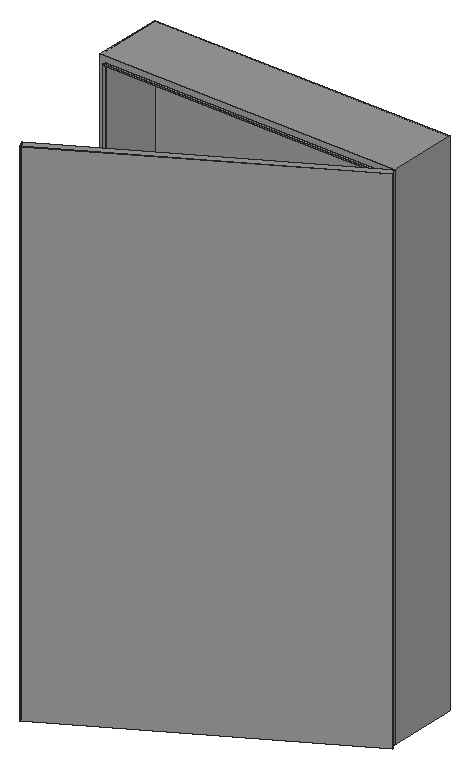
Revit family "Hager-Univers-IP44-D205-H1400-Cl.I-encl-NoHosted-NL-en", category Equipement électrique, Revit 2020
Family settings
  Configuration du panneau = Deux colonnes, circuits au sein
  Cote de connecteur circulaire = Utiliser le diamètre
  Type d'élément = Tableau de raccordement
  Basée sur le plan de construction = Oui
  Toujours verticalement = Oui
  Couper avec des vides une fois chargée = Non
  Partagée = Non
  Point de calcul de pièce = Non
Parameters (values of type "Surface mounted (plaster) IP44 W800 H1400 D205  - FP93QT")
  Width Control [instance] = if([EF000008 - Width] > Min Width, [EF000008 - Width], Min Width)  # 800 mm
  Commentaires du type = [HG000003 - Range]  # "Univers"
  Thickness Door [instance] = if([EF009171 - Material plate thickness door/cover] > 3 mm, 3 mm, [EF009171 - Material plate thickness door/cover])  # 1 mm
  Seal Frame Offset [instance] = 17 mm  # constant formula
  Plinth Visibility [instance] = [HG000027 - Plinth height] > 0 mm  # no
  Min Width [instance] = 100 mm  # constant formula
  Min Depth [instance] = (2 * [EF009170 - Material plate thickness cabinet]) + 1 mm  # 3 mm
  Min Height [instance] = 100 mm  # constant formula
  Internal Frame Depth [instance] = (Door System Depth * 0.5)  # 9 mm
  Panel Name [instance] = ""  # (empty or 0)
  Model = ""
  HG000027 - Plinth height = 0 mm
  HG000026 - Floor standing = no
  HG000024 - Bottom section height = 600 mm
  HG000023 - Double section enclosure = no
  HG000016 - Door 3d visibility [instance] = yes
  HG000015 - Clearance visibility [instance] = no
  HG000014 - Door on the right [instance] = yes
  HG000013 - Door on the left [instance] = not([HG000014 - Door on the right])  # no
  HG000012 - Door swing angle [instance] = 30.00°
  HG000010 - Asymmetric doors = no
  HG000009 - Double swing door = no
  HG000006 - Flush mounted = no
  HG000004 - Manufacturer reference = "FP93QT"
  HG000003 - Range = "Univers"
  HG000002 - With door or cover = yes
  Frame Offset Bottom [instance] = 10 mm  # constant formula
  Frame Offset [instance] = 15 mm  # constant formula
  EF015940 - Cover with overpressure release = no
  EF011959 - Degree of protection (NEMA) = ""
  EF009554 - Number of openings for flange plates = 6
  EF009212 - Cover model = "EV000116 - Closed"
  EF009171 - Material plate thickness door/cover = 1 mm
  EF009170 - Material plate thickness cabinet = 1 mm
  EF008873 - Nominal current (In) = 250 A
  EF007800 - Suitable for lightning protection = no
  EF006306 - With lock = no
  EF006244 - Transparent cover/door = no
  EF005474 - Degree of protection (IP) = "EV006418 - IP44"
  EF004464 - Type of door = "EV002646 - Single"
  EF004427 - Number of modules = 324
  EF004293 - Impact strength = "EV006815 - IK09"
  EF003532 - Suitable for outdoor use = no
  EF002950 - Width in number of modular spacings = 36
  EF001613 - Circuit integrity = "EV000494 - None"
  EF001596 - Material housing = "EV000179 - Steel"
  EF001131 - Internal depth = 130 mm
  EF001088 - Extension possible = yes
  EF000437 - Number of conduit inlets = 6
  EF000339 - Type of cover = "EV001012 - Cover"
  EF000266 - Number of rows = 9
  EF000218 - Built-in depth = 0 mm
  EF000118 - With mounting plate = no
  EF000116 - RAL-number = "9010"
  EF000049 - Depth = 205 mm
  EF000040 - Height = 1400 mm
  EF000008 - Width = 800 mm
  EF000007 - Colour = "EV000202 - White"
  EF000003 - Mounting method = "EV000384 - Surface mounted (plaster)"
  Door System Leaf Tolerance [instance] = 1.5 mm  # constant formula
  Door System Depth [instance] = 18 mm  # constant formula
  Door Height [instance] = Height Control - [HG000027 - Plinth height]  # 1400 mm
  Description = ""
  Default Elevation = 1219.2 mm
  Connector Offset [instance] = Height Control / 2  # 700 mm
  Fabricant = "Hager"  # constant formula
  Height Control [instance] = if([EF000040 - Height] > Min Height, [EF000040 - Height], Min Height)  # 1400 mm
  Depth Control [instance] = if([EF000049 - Depth] > Min Depth, [EF000049 - Depth], Min Depth)  # 205 mm
  Bottom Top Plate Trim [instance] = 1.5 mm  # constant formula
  Plinth height Ctrl [instance] = if([HG000027 - Plinth height] > 0 mm, [HG000027 - Plinth height], 12 mm)  # 12 mm
Types (4, lengths in mm): name | Width Control | HG000004 - Manufacturer reference | EF009554 - Number of openings for flange plates | EF004464 - Type of door | EF004427 - Number of modules | EF002950 - Width in number of modular spacings | EF000437 - Number of conduit inlets | EF000008 - Width
  Surface mounted (plaster) IP44 W1300 H1400 D205  - FP95QT | 1300 | "FP95QT" | 10 | "EV003602 - Double" | 540 | 60 | 10 | 1300
  Surface mounted (plaster) IP44 W300 H1400 D205  - FP91QT | 300 | "FP91QT" | 2 | "EV002646 - Single" | 108 | 12 | 2 | 300
  Surface mounted (plaster) IP44 W550 H1400 D205  - FP92QT | 550 | "FP92QT" | 4 | "EV002646 - Single" | 216 | 24 | 4 | 550
  Surface mounted (plaster) IP44 W800 H1400 D205  - FP93QT | 800 | "FP93QT" | 6 | "EV002646 - Single" | 324 | 36 | 6 | 800
Reference planes
  plane 1 "Center (Front/Back)": y = 0
  plane 2: z = 0
  plane 3 "Center (Left/Right)": x = 0
  plane 4: y = 0
  plane 5: y = 0
  plane 6: z = 0
  plane 7: x = -400
  plane 8: x = 400
  plane 9: x = 399
  plane 10: x = -399
  plane 11: z = 0
  plane 12: z = 1
  plane 13: y = -205
  plane 14: y = -1
  plane 15: x = 0
  plane 16: y = -187
  plane 17: y = -204
  plane 18: y = -186
  plane 19: x = -384
  plane 20: x = 384
  plane 21: z = 11
  plane 22: x = -383
  plane 23: x = 383
  plane 24: z = 0
  plane 25: z = 1400
  plane 26: z = 1400
  plane 27: z = 1384
  plane 28: z = 1399
Forms (mm)
  Extrusion 1, solid, material "Hager_Steel_RAL7035_Light_Grey", detail levels medium+fine
    sketch origin (-208.679, -4572, 0) x (-1, 0, 0) y (0, -1, 0)
      loop
        line (191.321, -4385) -> (-608.679, -4385) -> (-608.679, -4572) -> (191.321, -4572) -> (191.321, -4385)
    from 0 to 1400
  Extrusion 2, void
    sketch origin (-350.771, -205, 1219.2) x (1, 0, 0) y (0, 0, 1)
      loop
        line (-48.229, 179.8) -> (-48.229, -1218.2) -> (749.771, -1218.2) -> (749.771, 179.8) -> (-48.229, 179.8)
    from -19 to -204
  Extrusion 3, void
    sketch origin (-290.084, -187, 1219.2) x (1, 0, 0) y (0, 0, 1)
      loop
        line (-93.916, -1208.2) -> (674.084, -1208.2) -> (674.084, 164.8) -> (-93.916, 164.8) -> (-93.916, -1208.2)
    from 0 to -1
  Extrusion 4, solid, material "Hager_Steel_RAL7035_Light_Grey", visible <- "Plinth Visibility", detail levels medium+fine
    sketch origin (0, 0, 0) x (1, 0, 0) y (0, 1, 0)
      loop
        line (-400, 0) -> (-400, -187) -> (400, -187) -> (400, 0) -> (-400, 0)
    from 0 to 12 <- "Plinth height Ctrl"
  Extrusion 5, solid, material "Hager_Steel_RAL7035_Light_Grey", detail levels coarse
    sketch origin (0, 0, 0) x (1, 0, 0) y (0, 1, 0)
      loop
        line (-400, 0) -> (-400, -205) -> (400, -205) -> (400, 0) -> (-400, 0)
    from 0 to 1400 <- "Height Control"
  Sweep 6, void
    path in 3D
      loop
        line (-400, -187, 12) -> (400, -187, 12) -> (400, 0, 12) -> (-400, 0, 12) -> (-400, -187, 12)
    profile origin (-400, -93.5, 12) x (1, 0, 0) y (0, 0, 1)
      loop
        line (0, 0) -> (0, -1.5) -> (1.5, -1.5)
        arc (1.5, -1.5) -> (1.061, -0.439) -> (0, 0) r 1.5
  Extrusion 7, solid, material "Hager_Steel_RAL7035_Light_Grey", detail levels fine
    sketch origin (-400, -187, 0) x (1, 0, 0) y (0, 0, 1)
      loop
        line (16, 11) -> (784, 11) -> (784, 1384) -> (16, 1384) -> (16, 11)
      loop
        line (15, 10) -> (785, 10) -> (785, 1385) -> (15, 1385) -> (15, 10)
    from 0 to 9 <- "Internal Frame Depth"
Cuts and joins
  Extrusion 2, Extrusion 3 cuts Extrusion 1
  Sweep 6 cuts Extrusion 4
Lines and regions (mm)
  Masking region 1
    outline origin (0, 0, 0) x (1, 0, 0) y (0, 1, 0)
      loop
        line (-400, 0) -> (-400, -205) -> (400, -205) -> (400, 0) -> (-400, 0)
  Masking region 2, detail levels coarse
    outline origin (-290.084, -187, 1219.2) x (-1, 0, 0) y (0, 0, 1)
      loop
        line (-690.084, -1219.2) -> (109.916, -1219.2) -> (109.916, 180.8) -> (-690.084, 180.8) -> (-690.084, -1219.2)
  Masking region 3, detail levels coarse
    outline origin (0, 0, 0) x (0, 1, 0) y (0, 0, 1)
      loop
        line (0, 0) -> (0, 1400) -> (-205, 1400) -> (-205, 0) -> (0, 0)
  Masking region 4, visible <- "Plinth Visibility", detail levels medium+fine
    outline origin (0, 0, 0) x (0, 1, 0) y (0, 0, 1)
      loop
        line (-1.5, 12) -> (-185.5, 12)
        arc (-185.5, 12) -> (-185.939, 10.939) -> (-187, 10.5) r 1.5
        line (-187, 10.5) -> (-187, 0) -> (0, 0) -> (0, 10.5)
        arc (0, 10.5) -> (-1.061, 10.939) -> (-1.5, 12) r 1.5
  Masking region 5, detail levels medium+fine
    outline origin (0, 0, 594.038) x (0, 1, 0) y (0, 0, 1)
      loop
        line (0, -594.038) -> (0, 805.962) -> (-187, 805.962) -> (-187, -594.038) -> (0, -594.038)
  Masking region 6, detail levels medium+fine
    outline origin (-359.7, -187, 1211.883) x (-1, 0, 0) y (0, 0, 1)
      loop
        line (-759.7, -1211.883) -> (40.3, -1211.883) -> (40.3, 188.117) -> (-759.7, 188.117) -> (-759.7, -1211.883)
  Masking region 7, visible <- "Plinth Visibility", detail levels medium+fine
    outline origin (-320.334, -187, 1041.368) x (-1, 0, 0) y (0, 0, 1)
      loop
        line (-720.334, -1041.368) -> (79.666, -1041.368) -> (79.666, -1030.868)
        arc (79.666, -1030.868) -> (78.606, -1030.429) -> (78.166, -1029.368) r 1.5
        line (78.166, -1029.368) -> (-718.834, -1029.368)
        arc (-718.834, -1029.368) -> (-719.273, -1030.429) -> (-720.334, -1030.868) r 1.5
        line (-720.334, -1030.868) -> (-720.334, -1041.368)
  sketch lines
    curve 1: line (-400, 0, 12) -> (-400, -187, 12)
    curve 2: line (-400, -187, 12) -> (400, -187, 12)
    curve 3: line (400, 0, 12) -> (-400, 0, 12)
    curve 4: line (400, -187, 12) -> (400, 0, 12)
Dimensions and locks
  locked: plane 1 "Center (Front/Back)" to plane 5
  "EF009170 - Material plate thickness cabinet": plane 7 to plane 10
  "EF009170 - Material plate thickness cabinet": plane 8 to plane 9
  equal spacing: plane 7, plane 3 "Center (Left/Right)", plane 8
  "Width Control": plane 7 to plane 8
  "Depth Control": plane 4 to plane 13
  "EF009170 - Material plate thickness cabinet": plane 4 to plane 14
  "Height Control": plane 25 to level
  "HG000027 - Plinth height": plane 11 to level
  "EF009170 - Material plate thickness cabinet": plane 12 to plane 11
  "EF009170 - Material plate thickness cabinet": plane 17 to plane 13
  "EF009170 - Material plate thickness cabinet": plane 18 to plane 16
  "Frame Offset Bottom": plane 21 to plane 12
  "Frame Offset": plane 10 to plane 19
  "Frame Offset": plane 9 to plane 20
  "Door System Depth": plane 16 to plane 13
  "Seal Frame Offset": plane 7 to plane 22
  "Seal Frame Offset": plane 8 to plane 23
  "EF009170 - Material plate thickness cabinet": plane 26 to plane 28
  "Frame Offset": plane 28 to plane 27
  "Connector Offset": plane 2 to connector elem
  "Bottom Top Plate Trim": profile plane to Sweep 6 sketch curve
  "Bottom Top Plate Trim": Sweep 6 sketch curve to Sweep 6 sketch curve
  "Plinth height Ctrl": Masking region 4 sketch curve to level
  "Plinth height Ctrl": Masking region 7 sketch curve to level
  "Thickness Door": Extrusion 7 sketch curve to Extrusion 7 sketch curve  (x4)
  "Bottom Top Plate Trim": radius of Sweep 6 sketch curve
  "Bottom Top Plate Trim": radius of Masking region 4 sketch curve  (x2)
  "Bottom Top Plate Trim": radius of Masking region 7 sketch curve  (x2)
  aligned and locked: Extrusion 2 sketch curve to plane 12
  aligned and locked: Extrusion 2 sketch curve to plane 9
  aligned and locked: Extrusion 2 sketch curve to plane 10
  aligned and locked: Extrusion 2 to plane 14
  aligned and locked: Extrusion 1 sketch curve to plane 4
  aligned and locked: plane 8 to Extrusion 1 sketch curve
  aligned and locked: plane 7 to Extrusion 1 sketch curve
  aligned and locked: Extrusion 2 to plane 18
  aligned and locked: Extrusion 3 sketch curve to plane 19
  aligned and locked: plane 20 to Extrusion 3 sketch curve
  aligned and locked: Extrusion 3 to Extrusion 2
  aligned and locked: Extrusion 3 sketch curve to plane 21
  aligned and locked: plane 3 "Center (Left/Right)" to nested 1
  aligned and locked: Extrusion 1 sketch curve to plane 16
  aligned and locked: Extrusion 4 sketch curve to cut or joined group of Extrusion 1, Extrusion 2, Extrusion 3
  aligned and locked: Masking region 1 sketch curve to plane 7
  aligned and locked: Masking region 1 sketch curve to plane 5
  aligned and locked: Masking region 1 sketch curve to plane 8
  aligned and locked: Masking region 2 sketch curve to level
  aligned and locked: level to Masking region 3 sketch curve
  aligned and locked: plane 1 "Center (Front/Back)" to Masking region 3 sketch curve
  aligned and locked: plane 13 to Masking region 3 sketch curve
  aligned and locked: plane 5 to Masking region 4 sketch curve
  aligned and locked: Masking region 2 sketch curve to plane 8
  aligned and locked: Masking region 2 sketch curve to plane 7
  aligned and locked: plane 7 to nested 2
  aligned and locked: nested 2 to plane 5
  aligned and locked: plane 5 to Masking region 5 sketch curve
  aligned and locked: plane 26 to Masking region 5 sketch curve
  aligned and locked: Extrusion 5 sketch curve to plane 8
  aligned and locked: Extrusion 5 sketch curve to plane 7
  aligned and locked: Extrusion 5 sketch curve to plane 5
  aligned and locked: Extrusion 3 sketch curve to plane 27
  aligned and locked: Extrusion 2 sketch curve to plane 28
  aligned and locked: Masking region 2 to plane 25
  aligned and locked: Extrusion 4 to plane 16
  aligned and locked: profile plane to Sweep 6 sketch curve
  aligned and locked: Masking region 5 sketch curve to plane 24
  aligned and locked: level to Masking region 4 sketch curve
  aligned and locked: Masking region 1 to plane 13
  aligned and locked: nested 1 to plane 16
  aligned and locked: Masking region 3 to plane 25
  aligned and locked: plane 16 to Masking region 4 sketch curve
  aligned and locked: Masking region 5 sketch curve to plane 16
  aligned and locked: plane 24 to plane 11
  aligned and locked: plane 26 to plane 25
  aligned and locked: plane 26 to cut or joined group of Extrusion 1, Extrusion 2, Extrusion 3
  aligned and locked: nested 1 to plane 24
  aligned and locked: Extrusion 1 to Extrusion 3
  aligned and locked: Masking region 6 sketch curve to plane 8
  aligned and locked: Masking region 6 sketch curve to plane 24
  aligned and locked: Masking region 6 sketch curve to plane 7
  aligned and locked: Masking region 6 sketch curve to plane 26
  aligned and locked: Masking region 7 sketch curve to plane 7
  aligned and locked: level to Masking region 7 sketch curve
  aligned and locked: Masking region 7 sketch curve to plane 8
  aligned and locked: Extrusion 7 sketch curve to cut or joined group of Extrusion 1, Extrusion 2, Extrusion 3  (x4)
Automatic sketch dimensions
  plane 19 to Extrusion 3 sketch curve = 0 mm
  Extrusion 3 sketch curve to plane 20 = 0 mm
  Extrusion 3 sketch curve to plane 21 = 0 mm
  Extrusion 4 sketch curve to plane 7 = 0 mm
  Extrusion 4 sketch curve to plane 8 = 0 mm
  Extrusion 4 sketch curve to plane 16 = 0 mm
  Masking region 1 sketch curve to plane 13 = 0 mm
  Masking region 2 sketch curve to plane 25 = 0 mm
  Masking region 3 sketch curve to plane 25 = 0 mm
  Extrusion 5 sketch curve to plane 13 = 0 mm
  profile plane to Sweep 6 sketch curve = 0 mm
Nested families
  nested 1: "EC000058_Univers_Door" at (0, -187, 0), Double <- "HG000009 - Double swing door", Transparent <- "EF006244 - Transparent cover/door", Angle <- "HG000012 - Door swing angle", Door_Right <- "HG000014 - Door on the right", Assymetrical <- "HG000010 - Asymmetric doors", Door <- "HG000002 - With door or cover", Width_Ctrl <- "Width Control", 3d_Door <- "HG000016 - Door 3d visibility", Clearance <- "HG000015 - Clearance visibility", Door_Left <- "HG000013 - Door on the left", Width <- "Width Control", Door_Depth <- "Door System Depth", Leaf_Tolerance <- "Door System Leaf Tolerance", Height <- "Door Height", Lock_Visibility <- "EF006306 - With lock", Thickness <- "Thickness Door", type "EC000058_Univers_Door", detail levels medium+fine
    with min_wh 3 mm, Width_Ctrl 800 mm, Width 800 mm, Transparent no, Thickness 1 mm, Seal_Material Hager_Rubber, Lock_Visibility no, Lock_Material Hager_Plastic_RAL9005_Jet_Black, Leaf_Width 800 mm, Leaf_Tolerance_External_Sides 0 mm, Leaf_Tolerance 1.5 mm, Leaf_Offset 0 mm, Leaf_Height 1397 mm, Leaf_2_Width 800 mm, Leaf_2_Offset 400 mm, Leaf_1_Width 800 mm, Leaf_1_Offset 400 mm, Height_Ctrl 1400 mm, Height 1400 mm, Glass_Material Hager_Glass, Double_Clearance_Ctrl no, Double no, Door_Right_Ctrl yes, Door_Right yes, Door_Material Hager_Steel_RAL7035_Light_Grey, Door_Left_Ctrl no, Door_Left no, Door_Depth 18 mm, Door yes, Clearance_Material Hager_Clearance, Clearance_Depth 800 mm, Clearance_Ctrl no, Clearance no, Assymetrical no, Angle 30.00°, 3d_Door yes
  nested 2: "Hager_Enclosure_Symbol" at (-400, 0, 0), Height <- "Depth Control", Width <- "Width Control", type "Hager_Enclosure_Symbol"
    with Width_Ctrl 800 mm, Width 800 mm, Height_Ctrl 205 mm, Height 205 mm, A_Width_Int 13.453 mm, A_Width 161.438 mm, A_Height_Ctrl 179.375 mm, A_Height 179.375 mm
Connectors
  electrical at (0, 0, 700)
    settings: on plane 1 "Center (Front/Back)", index 1, voltage 0 V, apparent load 0 VA, apparent load phase1 0 VA, apparent load phase2 0 VA, apparent load phase3 0 VA, power factor 1, load classification "Other", number of poles 1, system type 30, power factor state 1, is connector primary yes, connector utility no, sub classification motor no, connector description ""
Definition of nested family "EC000058_Univers_Door"
  Parameters (values of type "EC000058_Univers_Door")
    min_wh [instance] = (2 * Thickness) + 1 mm  # 11 mm
    Width_Ctrl [instance] = 400 mm
    Width [instance] = 500 mm
    Transparent [instance] = yes
    Thickness [instance] = 5 mm
    Seal_Material [instance] = none
    Lock_Visibility [instance] = yes
    Lock_Material [instance] = none
    Leaf_Width [instance] = if((Width_Ctrl - 2 * Leaf_Tolerance_External_Sides) > 0 mm, (Width_Ctrl - 2 * Leaf_Tolerance_External_Sides), min_wh)  # 400 mm
    Leaf_Tolerance_External_Sides [instance] = 0 mm  # constant formula
    Leaf_Tolerance [instance] = 1.5 mm
    Leaf_Offset [instance] = 0 mm  # constant formula
    Leaf_Height [instance] = if((Height_Ctrl - 2 * Leaf_Tolerance) > 0 mm, (Height_Ctrl - 2 * Leaf_Tolerance), min_wh)  # 497 mm
    Leaf_2_Width [instance] = if(and(and(Double, Assymetrical), Door_Left), (Leaf_Width / 3) - (Leaf_Tolerance / 2), if(and(and(Double, Assymetrical), Door_Right), (Leaf_Width / 3) * 2 - (Leaf_Tolerance / 2), if(and(Double, not(Assymetrical)), (Leaf_Width / 2) - Leaf_Tolerance, Leaf_Width)))  # 400 mm
    Leaf_2_Offset [instance] = if(and(Double, Assymetrical), Leaf_2_Width / 2, if(and(Double, not(Assymetrical)), Leaf_Width / 4, Leaf_Width / 2))  # 200 mm
    Leaf_1_Width [instance] = if(and(and(Double, Assymetrical), Door_Right), (Leaf_Width / 3) - (Leaf_Tolerance / 2), if(and(and(Double, Assymetrical), Door_Left), (Width / 3) * 2 - (Leaf_Tolerance / 2), if(and(Double, not(Assymetrical)), (Leaf_Width / 2) - Leaf_Tolerance, Leaf_Width)))  # 400 mm
    Leaf_1_Offset [instance] = if(and(Double, Assymetrical), Leaf_1_Width / 2, if(and(Double, not(Assymetrical)), Leaf_Width / 4, Leaf_Width / 2))  # 200 mm
    Height_Ctrl [instance] = if(Height > min_wh, Height, min_wh)  # 500 mm
    Height [instance] = 500 mm
    Glass_Material [instance] = none
    Double_Clearance_Ctrl [instance] = and(Double, Clearance)  # no
    Double [instance] = no
    Door_Right_Ctrl [instance] = and(or(Door_Right, Double), Door)  # yes
    Door_Right [instance] = yes
    Door_Material [instance] = none
    Door_Left_Ctrl [instance] = and(or(Door_Left, Double), Door)  # no
    Door_Left [instance] = no
    Door_Depth [instance] = 30 mm
    Door [instance] = yes
    Default Elevation = 1219.2 mm
    Clearance_Material [instance] = none
    Clearance_Depth [instance] = if(Leaf_1_Width > Leaf_2_Width, Leaf_1_Width, Leaf_2_Width)  # 400 mm
    Clearance_Ctrl [instance] = and(not(Double), Clearance)  # yes
    Clearance [instance] = yes
    Assymetrical [instance] = yes
    Angle [instance] = 30.00°
    3d_Door [instance] = yes
  Reference planes
    plane 1 "Center (Front/Back)": y = 0
    plane 2 "Bottom": z = 0
    plane 3 "Center (Left/Right)": x = 0
    plane 4: z = 500
    plane 5: x = -200
    plane 6: x = 200
    plane 7: z = 500
    plane 8: x = -200
    plane 9: z = 0
    plane 10: x = 200
    plane 11: y = 0
    plane 12: z = 1.5
    plane 13: x = -600
    plane 14: y = -400
    plane 15: x = 600
    plane 16: x = 0
    plane 17: x = 0
    plane 18: x = -200
    plane 19: x = 200
    plane 20: z = 498.5
  Forms (mm)
    Extrusion 1, solid, material <- "Clearance_Material", visible <- "Double_Clearance_Ctrl"
      sketch origin (1200, 0, 0) x (1, 0, 0) y (0, 0, -1)
        loop
          line (-1800, -498.5) -> (-600, -498.5) -> (-600, 0) -> (-1800, 0) -> (-1800, -498.5)
      from 0 to -400
  Dimensions and locks
    equal spacing: plane 5, plane 3 "Center (Left/Right)", plane 6
    "Width_Ctrl": plane 5 to plane 6
    "Leaf_Offset": plane 5 to plane 8
    "Leaf_Offset": plane 6 to plane 10
    "Leaf_Offset": plane 9 to level
    "Leaf_Offset": plane 4 to plane 7
    "Height_Ctrl": plane 4 to level
    "Leaf_Tolerance": plane 12 to plane 9
    locked: plane 11 to plane 1 "Center (Front/Back)"
    "Leaf_1_Offset": plane 18 to plane 16
    "Leaf_2_Offset": plane 17 to plane 19
    "Leaf_1_Width": plane 13 to plane 8
    "Leaf_2_Width": plane 10 to plane 15
    "Clearance_Depth": plane 14 to plane 1 "Center (Front/Back)"
    "Leaf_Tolerance_External_Sides": plane 8 to plane 18
    "Leaf_Tolerance_External_Sides": plane 19 to plane 10
    "Leaf_Tolerance": plane 7 to plane 20
    aligned and locked: level to plane 2 "Bottom"
    aligned and locked: nested 1 to plane 16
    aligned and locked: nested 2 to plane 17
    aligned and locked: Extrusion 1 to plane 13
    aligned and locked: plane 15 to Extrusion 1
    aligned and locked: Extrusion 1 to plane 14
    aligned and locked: plane 12 to nested 1
    aligned and locked: nested 2 to plane 12
    aligned and locked: Extrusion 1 to plane 11
    aligned and locked: plane 20 to Extrusion 1
    aligned and locked: nested 2 to plane 11
    aligned and locked: nested 1 to plane 11
  Automatic sketch dimensions
    Extrusion 1 sketch curve to level = 0 mm
    plane 5 to Extrusion 1 sketch curve = 400 mm
    plane 6 to Extrusion 1 sketch curve = 400 mm
    Extrusion 1 sketch curve to plane 4 = 1.5 mm
  Nested families
    nested 1: "EC000058_Univers_Door_Leaf" at (0, 0, 1.5), Width <- "Leaf_1_Width", visible <- "Door_Left_Ctrl", Leaf_Height <- "Leaf_Height", Angle <- "Angle", 3d_Door <- "3d_Door", Transparent <- "Transparent", Clearance Material <- "Clearance_Material", Clearance <- "Clearance_Ctrl", Door_Material <- "Door_Material", Glass_Material <- "Glass_Material", Door_Depth <- "Door_Depth", Lock_Material <- "Lock_Material", Seal_Material <- "Seal_Material", Lock_Visibility <- "Lock_Visibility", Thickness <- "Thickness", type "EC000058_Univers_Door_Leaf"
      with Width 400 mm, Transparent_Glass_Offset 30 mm, Transparent_Ctrl yes, Transparent yes, Thickness 5 mm, Standard no, Seal_Material none, Seal_D2 8 mm, Seal_D1 1 mm, Offset_Internal_Frame 10 mm, Lock_Width 20 mm, Lock_Visibility_3d yes, Lock_Visibility yes, Lock_Thickness_3 3 mm, Lock_Thickness_2 1 mm, Lock_Thickness_1 3 mm, Lock_Radius_Offset_2 16 mm, Lock_Radius_Offset_1 15 mm, Lock_Radius_2 5 mm, Lock_Radius 6 mm, Lock_Offset 5 mm, Lock_Material none, Lock_Height 80 mm, Lock_Cover_Top_Offset_2d 17 mm, Lock_Cover_Height -65 mm, Leaf_Height 497 mm, Internal_Seal_Thickness 8 mm, Internal_Seal_Depth_2 4.5 mm, Internal_Frame_Depth 25 mm, Glass_Thickness -1 mm, Glass_Offset -2 mm, Glass_Material none, Door_Material none, Door_Depth 30 mm, Clearance Material none, Clearance yes, Angle_Ctrl 30.00°, Angle 30.00°, 3d_Door yes
    nested 2: "EC000058_Univers_Door_Leaf" at (0, 0, 1.5) x (-1, 0, 0) z (0, 0, 1), Width <- "Leaf_2_Width", visible <- "Door_Right_Ctrl", Leaf_Height <- "Leaf_Height", Angle <- "Angle", 3d_Door <- "3d_Door", Transparent <- "Transparent", Clearance Material <- "Clearance_Material", Clearance <- "Clearance_Ctrl", Door_Material <- "Door_Material", Glass_Material <- "Glass_Material", Door_Depth <- "Door_Depth", Lock_Material <- "Lock_Material", Seal_Material <- "Seal_Material", Lock_Visibility <- "Lock_Visibility", Thickness <- "Thickness", type "EC000058_Univers_Door_Leaf"
      with Width 400 mm, Transparent_Glass_Offset 30 mm, Transparent_Ctrl yes, Transparent yes, Thickness 5 mm, Standard no, Seal_Material none, Seal_D2 8 mm, Seal_D1 1 mm, Offset_Internal_Frame 10 mm, Lock_Width 20 mm, Lock_Visibility_3d yes, Lock_Visibility yes, Lock_Thickness_3 3 mm, Lock_Thickness_2 1 mm, Lock_Thickness_1 3 mm, Lock_Radius_Offset_2 16 mm, Lock_Radius_Offset_1 15 mm, Lock_Radius_2 5 mm, Lock_Radius 6 mm, Lock_Offset 5 mm, Lock_Material none, Lock_Height 80 mm, Lock_Cover_Top_Offset_2d 17 mm, Lock_Cover_Height -65 mm, Leaf_Height 497 mm, Internal_Seal_Thickness 8 mm, Internal_Seal_Depth_2 4.5 mm, Internal_Frame_Depth 25 mm, Glass_Thickness -1 mm, Glass_Offset -2 mm, Glass_Material none, Door_Material none, Door_Depth 30 mm, Clearance Material none, Clearance yes, Angle_Ctrl 30.00°, Angle 30.00°, 3d_Door yes
  Definition of nested family "EC000058_Univers_Door_Leaf"
    Parameters (values of type "EC000058_Univers_Door_Leaf")
      Width [instance] = 2000 mm
      Transparent_Glass_Offset [instance] = 30 mm
      Transparent_Ctrl [instance] = and(Transparent, [3d_Door])  # yes
      Transparent [instance] = yes
      Thickness [instance] = 5 mm
      Standard [instance] = and(not(Transparent), [3d_Door])  # no
      Seal_Material [instance] = none
      Seal_D2 [instance] = 8 mm  # constant formula
      Seal_D1 [instance] = 1 mm  # constant formula
      Offset_Internal_Frame [instance] = 10 mm  # constant formula
      Lock_Width [instance] = 20 mm  # constant formula
      Lock_Visibility_3d [instance] = and(Lock_Visibility, [3d_Door])  # yes
      Lock_Visibility [instance] = yes
      Lock_Thickness_3 [instance] = 3 mm  # constant formula
      Lock_Thickness_2 [instance] = 1 mm  # constant formula
      Lock_Thickness_1 [instance] = 3 mm  # constant formula
      Lock_Radius_Offset_2 [instance] = Lock_Radius_Offset_1 + 1 mm  # 16 mm
      Lock_Radius_Offset_1 [instance] = 15 mm  # constant formula
      Lock_Radius_2 [instance] = Lock_Radius - 1 mm  # 5 mm
      Lock_Radius [instance] = 6 mm  # constant formula
      Lock_Offset [instance] = 5 mm  # constant formula
      Lock_Material [instance] = none
      Lock_Height [instance] = 80 mm  # constant formula
      Lock_Cover_Top_Offset_2d [instance] = Lock_Radius_Offset_2 + 1 mm  # 17 mm
      Lock_Cover_Height [instance] = -(Lock_Height - Lock_Radius_Offset_1)  # -65 mm
      Leaf_Height [instance] = 2720.336 mm
      Internal_Seal_Thickness [instance] = 8 mm  # constant formula
      Internal_Seal_Depth_2 [instance] = 4.5 mm  # constant formula
      Internal_Frame_Depth [instance] = if(Door_Depth - Thickness > 5 mm, Door_Depth - Thickness, 5 mm)  # 25 mm
      Glass_Thickness [instance] = if(Thickness > 15 mm, Glass_Offset + 10 mm, -1 mm)  # -1 mm
      Glass_Offset [instance] = if(Thickness > 15 mm, -(Thickness + 10 mm) / 2, -2 mm)  # -2 mm
      Glass_Material [instance] = none
      Door_Material [instance] = none
      Door_Depth [instance] = 30 mm
      Default Elevation = 0 mm
      Clearance Material [instance] = none
      Clearance [instance] = yes
      Angle_Ctrl [instance] = if(Angle > 180.00°, 180.00°, Angle)  # 90.00°
      Angle [instance] = 90.00°
      3d_Door [instance] = yes
    Reference planes
      plane 1 "Center (Front/Back)": y = 0
      plane 2: z = 0
      plane 3 "Center (Left/Right)": x = 0
      plane 4: y = 2000
      plane 5: x = -1000
      plane 6: x = 1000
      plane 7: x = -3000
      plane 8: z = 2720.336
      plane 9: z = 30
      plane 10: z = 2690.336
      plane 11: x = 970
      plane 12: x = -970
      plane 13: y = -3
      plane 14: z = 107.833
      plane 15: y = -5
      plane 16: y = -223.314
      plane 17: x = -1000
      plane 18: z = 1360.168
      plane 19: y = 30
    Forms (mm)
      Extrusion 1, solid, material <- "Clearance Material", visible <- "Clearance"
        sketch origin (0, 0, 0) x (1, 0, 0) y (0, 0, 1)
          loop
            line (-3000, 2720.336) -> (-3000, 0) -> (1000, 0) -> (1000, 2720.336) -> (-3000, 2720.336)
        from 0 to -2000
      Extrusion 2, solid, material <- "Door_Material", visible <- "Standard", detail levels medium+fine
        sketch origin (-1000, 0, 0) x (0, 1, 0) y (-1, 0, 0)
          loop
            line (0, 30) -> (0, 25) -> (2000, 25) -> (2000, 30) -> (0, 30)
        from 0 to 2720.336 <- "Leaf_Height"
      Extrusion 3, solid, material <- "Door_Material", visible <- "Transparent_Ctrl", detail levels medium+fine
        sketch origin (-1000, 0, 0) x (0, 1, 0) y (-1, 0, 0)
          loop
            line (0, 25) -> (2000, 25) -> (2000, 30) -> (0, 30) -> (0, 25)
        from 0 to 2720.336 <- "Leaf_Height"
      Extrusion 4, void
        sketch origin (-1025, 2000, 0) x (0, 1, 0) y (0, 0, -1)
          loop
            line (-30, -2690.336) -> (-30, -30) -> (-1970, -30) -> (-1970, -2690.336) -> (-30, -2690.336)
        from 0 to 5 <- "Thickness"
      Sweep 5, solid, material <- "Seal_Material", visible <- "Transparent_Ctrl", detail levels fine
        path in 3D
          loop
            line (-1025, 30, 30) -> (-1025, 30, 2690.336) -> (-1025, 1970, 2690.336) -> (-1025, 1970, 30) -> (-1025, 30, 30)
        profile origin (-1025, 1000, 30) x (1, 0, 0) y (0, 0, 1)
          loop
            line (0, 0) -> (0, -8) -> (1, -8) -> (1, 0) -> (0, 0)
      Extrusion 6, solid, material <- "Glass_Material", visible <- "Transparent_Ctrl", detail levels medium+fine
        sketch origin (-1030, 0, 0) x (0, 1, 0) y (0, 0, -1)
          loop
            line (1970, -2690.336) -> (1970, -30) -> (30, -30) -> (30, -2690.336) -> (1970, -2690.336)
        from -2 <- "Glass_Offset" to -1 <- "Glass_Thickness"
      Extrusion 7, solid, material <- "Door_Material", visible <- "3d_Door", detail levels medium+fine
        sketch origin (-1025, 2000, 0) x (0, -1, 0) y (0, 0, -1)
          loop
            line (0, -2720.336) -> (2000, -2720.336) -> (2000, 0) -> (0, 0) -> (0, -2720.336)
          loop
            line (1995, -5) -> (5, -5) -> (5, -2715.336) -> (1995, -2715.336) -> (1995, -5)
        from 0 to 25 <- "Internal_Frame_Depth"
      Sweep 8, solid, material <- "Seal_Material", visible <- "Transparent_Ctrl", detail levels fine
        path in 3D
          loop
            line (-1025, 0, 0) -> (-1025, 2000, 0) -> (-1025, 2000, 2720.336) -> (-1025, 0, 2720.336) -> (-1025, 0, 0)
        profile origin (-1025, 0, 1360.168) x (1, 0, 0) y (0, 1, 0)
          loop
            line (0, 10) -> (2.975, 10)
            arc (2.975, 10) -> (4.053, 10.447) -> (4.5, 11.525) r 1.525
            line (4.5, 11.525) -> (4.5, 16.527)
            arc (4.5, 16.527) -> (4.069, 17.569) -> (3.027, 18) r 1.473
            line (3.027, 18) -> (0, 18) -> (0, 10)
      Extrusion 9, solid, material <- "Lock_Material", visible <- "Lock_Visibility_3d", detail levels fine
        sketch origin (-1030, 0, 0) x (0, 1, 0) y (0, 0, -1)
          loop
            arc (1993.5, -1400.168) -> (1994.561, -1399.729) -> (1995, -1398.668) r 1.5
            line (1995, -1398.668) -> (1995, -1320.168) -> (1975, -1320.168) -> (1975, -1398.668)
            arc (1975, -1398.668) -> (1975.439, -1399.729) -> (1976.5, -1400.168) r 1.5
            line (1976.5, -1400.168) -> (1993.5, -1400.168)
        from 3 <- "Lock_Thickness_1" to 0
      Blend 10, solid, material <- "Lock_Material", visible <- "Lock_Visibility_3d", detail levels fine
        base sketch origin (-1033, 0, 0) x (0, 1, 0) y (0, 0, -1)
          loop
            line (1975, -1320.168) -> (1975, -1398.668)
            arc (1975, -1398.668) -> (1975.439, -1399.729) -> (1976.5, -1400.168) r 1.5
            line (1976.5, -1400.168) -> (1993.5, -1400.168)
            arc (1993.5, -1400.168) -> (1994.561, -1399.729) -> (1995, -1398.668) r 1.5
            line (1995, -1398.668) -> (1995, -1320.168) -> (1975, -1320.168)
        top sketch origin (-1033, 0, 0) x (0, 1, 0) y (0, 0, -1)
          loop
            line (1976, -1320.168) -> (1976, -1398.668)
            arc (1976, -1398.668) -> (1976.146, -1399.022) -> (1976.5, -1399.168) r 0.5
            line (1976.5, -1399.168) -> (1993.5, -1399.168)
            arc (1993.5, -1399.168) -> (1993.854, -1399.022) -> (1994, -1398.668) r 0.5
            line (1994, -1398.668) -> (1994, -1320.168) -> (1976, -1320.168)
        from 0 to 1 <- "Lock_Thickness_2"
      Blend 11, solid, material <- "Lock_Material", visible <- "Lock_Visibility_3d", detail levels fine
        base sketch origin (-1034, 0, 0) x (0, 1, 0) y (0, 0, -1)
          loop
            line (1978, -1320.168) -> (1978, -1384.168)
            arc (1978, -1384.168) -> (1985, -1391.168) -> (1992, -1384.168) r 7
            line (1992, -1384.168) -> (1992, -1320.168) -> (1978, -1320.168)
        top sketch origin (-1034, 0, 0) x (0, 1, 0) y (0, 0, -1)
          loop
            line (1991, -1320.168) -> (1979, -1320.168) -> (1979, -1383.168)
            arc (1979, -1383.168) -> (1985, -1389.168) -> (1991, -1383.168) r 6
            line (1991, -1383.168) -> (1991, -1320.168)
        from 0 to 3 <- "Lock_Thickness_3"
      Extrusion 12, solid, material <- "Lock_Material", visible <- "Lock_Visibility_3d", detail levels fine
        sketch origin (-1030, 1975, 1320.168) x (1, 0, 0) y (0, -1, 0)
          loop
            line (-7, -19) -> (-7, -1) -> (0, -1) -> (0, 0) -> (-8, 0) -> (-8, -20) -> (0, -20) -> (0, -19) -> (-7, -19)
        from 0 to -65 <- "Lock_Cover_Height"
      Extrusion 13, void
        sketch origin (-1038, 1995, 1320.168) x (-1, 0, 0) y (0, 0, -1)
          loop
            line (-5, -65) -> (0, -65) -> (-5, -60) -> (-5, -65)
        from 0 to 20 <- "Lock_Width"
      Extrusion 14, void
        sketch origin (-1038, 1975, 1320.168) x (0, -1, 0) y (0, 0, -1)
          loop
            circle (-10, -15.995) r 6
          loop
            circle (-10, -15.995) r 5
        from 0 to 2
      Extrusion 15, solid, material <- "Lock_Material", visible <- "Lock_Visibility_3d", detail levels medium
        sketch origin (-1030, 0, 0) x (0, 1, 0) y (0, 0, -1)
          loop
            arc (1993.5, -1400.168) -> (1994.561, -1399.729) -> (1995, -1398.668) r 1.5
            line (1995, -1398.668) -> (1995, -1320.168) -> (1975, -1320.168) -> (1975, -1398.668)
            arc (1975, -1398.668) -> (1975.439, -1399.729) -> (1976.5, -1400.168) r 1.5
            line (1976.5, -1400.168) -> (1993.5, -1400.168)
        from 8 to 0
    Cuts and joins
      Extrusion 4 cuts Extrusion 3
      Extrusion 13, Extrusion 14 cuts Extrusion 9
      Extrusion 14 cuts Blend 11
      Extrusion 13, Extrusion 14 cuts Extrusion 12
      joined: Extrusion 9, Blend 10, Blend 11, Extrusion 12
      Extrusion 14 cuts Extrusion 15
    Lines and regions (mm)
      Masking region 1, visible <- "Lock_Visibility", detail levels fine
        outline origin (0, 0, 0) x (0, 1, 0) y (0, 0, 1)
          loop
            line (30, 1320.168) -> (33, 1320.168) -> (33, 1400.168) -> (30, 1400.168) -> (30, 1320.168)
      Masking region 2, visible <- "Lock_Visibility", detail levels fine
        outline origin (0, 3.143, 0) x (0, 1, 0) y (0, 0, 1)
          loop
            line (29.857, 1354.168) -> (30.857, 1354.168) -> (30.857, 1366.168) -> (29.857, 1366.168) -> (29.857, 1354.168)
      Masking region 3, detail levels medium+fine
        outline origin (0, 0, 0) x (0, 1, 0) y (0, 0, 1)
          loop
            line (0, 0) -> (30, 0) -> (30, 2720.336) -> (0, 2720.336) -> (0, 0)
      Masking region 4, detail levels medium+fine
        outline origin (0, 0, 0) x (1, 0, 0) y (0, 0, 1)
          loop
            line (-1000, 2720.336) -> (-1000, 0) -> (1000, 0) -> (1000, 2720.336) -> (-1000, 2720.336)
      Masking region 5, visible <- "Lock_Visibility", detail levels fine
        outline origin (-47.116, 0, 0) x (1, 0, 0) y (0, 0, 1)
          loop
            arc (1024.616, 1399.168) -> (1023.556, 1398.729) -> (1023.116, 1397.668) r 1.5
            line (1023.116, 1397.668) -> (1023.116, 1320.168) -> (1041.116, 1320.168) -> (1041.116, 1397.668)
            arc (1041.116, 1397.668) -> (1040.677, 1398.729) -> (1039.616, 1399.168) r 1.5
            line (1039.616, 1399.168) -> (1024.616, 1399.168)
      Masking region 6, visible <- "Lock_Visibility", detail levels medium+fine
        outline origin (-25, 0, 0) x (1, 0, 0) y (0, 0, 1)
          loop
            arc (1001.5, 1400.168) -> (1000.439, 1399.729) -> (1000, 1398.668) r 1.5
            line (1000, 1398.668) -> (1000, 1320.168) -> (1020, 1320.168) -> (1020, 1398.668)
            arc (1020, 1398.668) -> (1019.561, 1399.729) -> (1018.5, 1400.168) r 1.5
            line (1018.5, 1400.168) -> (1001.5, 1400.168)
      Masking region 7, visible <- "Lock_Visibility", detail levels fine
        outline origin (-73.735, 0, 0) x (1, 0, 0) y (0, 0, 1)
          loop
            line (1051.735, 1382.168) -> (1065.735, 1382.168) -> (1065.735, 1384.168)
            arc (1065.735, 1384.168) -> (1058.735, 1391.168) -> (1051.735, 1384.168) r 7
            line (1051.735, 1384.168) -> (1051.735, 1382.168)
      Masking region 8, visible <- "Lock_Visibility", detail levels fine
        outline origin (-73.735, 0, 0) x (1, 0, 0) y (0, 0, 1)
          loop
            line (1052.735, 1382.168) -> (1064.735, 1382.168) -> (1064.735, 1383.168)
            arc (1064.735, 1383.168) -> (1058.735, 1389.168) -> (1052.735, 1383.168) r 6
            line (1052.735, 1383.168) -> (1052.735, 1382.168)
      Masking region 9, visible <- "Lock_Visibility", detail levels fine
        outline origin (-25, 0, 0) x (1, 0, 0) y (0, 0, 1)
          loop
            line (1020, 1320.168) -> (1020, 1382.168) -> (1000, 1382.168) -> (1000, 1320.168) -> (1020, 1320.168)
      Masking region 10, detail levels medium+fine
        outline origin (0, 0, 0) x (1, 0, 0) y (0, 0, 1)
          loop
            circle (985, 1335.144) r 6
      Masking region 11, detail levels fine
        outline origin (0, 0, 0) x (1, 0, 0) y (0, 0, 1)
          loop
            circle (985, 1335.144) r 5
      Masking region 12, visible <- "Lock_Visibility", detail levels fine
        outline origin (0, 12.767, 0) x (0, 1, 0) y (0, 0, 1)
          loop
            line (20.233, 1320.168) -> (21.233, 1320.168) -> (21.233, 1399.168) -> (20.233, 1400.168) -> (20.233, 1320.168)
      Masking region 13, visible <- "Lock_Visibility", detail levels fine
        outline origin (0, 13.767, -10) x (0, 1, 0) y (0, 0, 1)
          loop
            line (20.233, 1330.168) -> (23.233, 1330.168) -> (23.233, 1399.168) -> (20.233, 1402.168) -> (20.233, 1330.168)
      Masking region 14, visible <- "Lock_Visibility", detail levels fine
        outline origin (0, 12.767, -10) x (0, 1, 0) y (0, 0, 1)
          loop
            line (20.233, 1330.168) -> (25.233, 1330.168) -> (25.233, 1399.305) -> (20.233, 1394.305) -> (20.233, 1330.168)
      Masking region 15, visible <- "Lock_Visibility", detail levels medium
        outline origin (0, 0, 0) x (0, 1, 0) y (0, 0, 1)
          loop
            line (30, 1320.168) -> (38, 1320.168) -> (38, 1400.168) -> (30, 1400.168) -> (30, 1320.168)
      Masking region 16, visible <- "Lock_Visibility", detail levels fine
        outline origin (-1000, 0, 0) x (0, 1, 0) y (-1, 0, 0)
          loop
            line (1975, 30) -> (1995, 30) -> (1995, 38) -> (1975, 38) -> (1975, 30)
          loop
            line (1979, 37) -> (1976, 37) -> (1976, 34) -> (1978, 34) -> (1979, 37)
          loop
            line (1994, 37) -> (1991, 37) -> (1992, 34) -> (1994, 34) -> (1994, 37)
      Masking region 17, visible <- "Lock_Visibility", detail levels medium
        outline origin (-1000, 0, 0) x (0, 1, 0) y (-1, 0, 0)
          loop
            line (1975, 30) -> (1995, 30) -> (1995, 38) -> (1975, 38) -> (1975, 30)
      symbolic lines
        curve 1: line (1000, 0, 0) -> (-3000, 0, 0)
        curve 2: arc (1000, 0, 0) -> (-1000, 2000, 0) -> (-3000, 0, 0) r 2000
        curve 4: line (-1030, 0, 0) -> (-1030, 2000, 0)
      reference lines
        curve 3: line (-1000, 0, 0) -> (-1000, 2000, 0)
      symbolic lines, detail levels medium+fine
        curve 5: line (-1030, 2000, 0) -> (-1025, 2000, 0)
        curve 7: line (-1025, 0, 0) -> (-1030, 0, 0)
        curve 8: line (-1025, 0, 0) -> (-1000, 0, 0)
        curve 9: line (-1000, 0, 0) -> (-1000, 2000, 0)
        curve 10: line (-1000, 2000, 0) -> (-1025, 2000, 0)
      symbolic lines, detail levels fine
        curve 6: line (-1025, 2000, 0) -> (-1025, 0, 0)
      sketch lines
        curve 11: line (-1025, 0, 2720.336) -> (-1025, 0, 0)
        curve 12: line (-1025, 2000, 0) -> (-1025, 0, 0)
        curve 13: line (-1025, 2000, 2720.336) -> (-1025, 2000, 0)
        curve 14: line (-1025, 0, 2720.336) -> (-1025, 2000, 2720.336)
        curve 15: line (-1025, 1970, 30) -> (-1025, 30, 30)
        curve 16: line (-1025, 30, 30) -> (-1025, 30, 2690.336)
        curve 17: line (-1025, 1970, 2690.336) -> (-1025, 1970, 30)
        curve 18: line (-1025, 30, 2690.336) -> (-1025, 1970, 2690.336)
      symbolic lines, visible <- "Transparent", detail levels medium+fine
        curve 19: line (-970, 0, 2690.336) -> (970, 0, 2690.336)
        curve 20: line (-970, 0, 30) -> (-970, 0, 2690.336)
        curve 21: line (970, 0, 30) -> (-970, 0, 30)
        curve 22: line (970, 0, 2690.336) -> (970, 0, 30)
    Dimensions and locks
      "Width": plane 1 "Center (Front/Back)" to plane 4
      equal spacing: plane 5, plane 3 "Center (Left/Right)", plane 6
      "Width": plane 5 to plane 6
      "Width": plane 7 to plane 5
      "Leaf_Height": plane 8 to level
      "Width": curve 5 to curve 3
      "Width": curve 3 to curve 3
      plane 8 to plane 10 = 30 mm
      plane 9 to level = 30 mm
      plane 12 to plane 5 = 30 mm
      plane 6 to plane 11 = 30 mm
      Extrusion 1 to Extrusion 4 sketch curve = 30 mm
      "Transparent_Glass_Offset": curve 3 to Extrusion 4 sketch curve
      "Transparent_Glass_Offset": Extrusion 4 sketch curve to cut or joined group of Extrusion 3, Extrusion 4  (x2)
      cut or joined group of Extrusion 3, Extrusion 4 to Extrusion 6 sketch curve = 30 mm
      "Transparent_Glass_Offset": cut or joined group of Extrusion 3, Extrusion 4 to Extrusion 4 sketch curve
      "Thickness": curve 6 to curve 4
      "Thickness": Extrusion 7 sketch curve to Extrusion 7 sketch curve  (x4)
      "Door_Depth": curve 4 to curve 3
      "Offset_Internal_Frame": profile plane to Sweep 8 sketch curve
      "Internal_Seal_Thickness": Sweep 8 sketch curve to Sweep 8 sketch curve
      "Internal_Seal_Depth_2": profile plane to Sweep 8 sketch curve
      "Seal_D1": profile plane to Sweep 5 sketch curve
      "Seal_D2": profile plane to Sweep 5 sketch curve
      "Thickness": Extrusion 2 sketch curve to Extrusion 2 sketch curve
      equal spacing: Extrusion 9 sketch curve, plane 18, Extrusion 9 sketch curve  (x2)
      equal spacing: Masking region 1 sketch curve, plane 18, Masking region 1 sketch curve
      "Lock_Height": Masking region 1 sketch curve to Masking region 1 sketch curve
      "Lock_Radius": Masking region 2 sketch curve to plane 18 to Masking region 2 sketch curve
      Masking region 2 sketch curve to Masking region 1 = 1 mm
      "Door_Depth": plane 19 to plane 1 "Center (Front/Back)"
      "Lock_Thickness_1": Masking region 1 sketch curve to plane 19
      "Lock_Width": Extrusion 9 sketch curve to Extrusion 9 sketch curve
      "Lock_Height": Extrusion 9 sketch curve to Extrusion 9 sketch curve
      "Lock_Offset": cut or joined group of Extrusion 3, Extrusion 4 to Extrusion 9 sketch curve
      equal spacing: plane 8, plane 18, level
      "Lock_Radius_Offset_1": Blend 11 sketch curve to Blend 10
      locked: Blend 10 to Blend 11 sketch curve at 2  (x2)
      locked: var sketch to Blend 11 sketch curve at 1  (x2)
      "Lock_Radius_Offset_2": Blend 11 sketch curve to Blend 10
      locked: Extrusion 12 sketch curve to Extrusion 12 sketch curve at 1  (x3)
      Masking region 6 sketch curve to Masking region 6 sketch curve = 80 mm
      "Lock_Height": Masking region 6 sketch curve to Masking region 6 sketch curve
      "Lock_Width": Masking region 6 sketch curve to Masking region 6 sketch curve
      locked: Masking region 6 to Masking region 5 sketch curve at 1  (x3)
      locked: Masking region 5 to Masking region 7 sketch curve at 2  (x2)
      "Lock_Radius_Offset_1": Masking region 5 to Masking region 7 sketch curve
      "Lock_Radius_Offset_2": Masking region 5 to Masking region 8 sketch curve
      locked: Masking region 7 to Masking region 8 sketch curve at 1  (x2)
      "Lock_Cover_Top_Offset_2d": Masking region 5 to Masking region 9 sketch curve
      equal spacing: Masking region 9, Masking region 10 sketch curve, Masking region 9
      equal spacing: Masking region 9, Masking region 11 sketch curve, Masking region 9
      Extrusion 15 sketch curve to Extrusion 15 sketch curve = 80 mm
      "Lock_Width": Extrusion 15 sketch curve to Extrusion 15 sketch curve
      "Lock_Height": Extrusion 15 sketch curve to Extrusion 15 sketch curve
      equal spacing: Extrusion 15 sketch curve, plane 18, Extrusion 15 sketch curve
      "Lock_Thickness_3": Masking region 13 sketch curve to Masking region 13 sketch curve
      "Lock_Height": Masking region 12 sketch curve to Masking region 12 sketch curve
      locked: Masking region 13 sketch curve to Masking region 1 at 8
      locked: Masking region 14 sketch curve to Masking region 13 at 1
      locked: Masking region 14 sketch curve to Masking region 1 at 10.863
      "Lock_Height": Masking region 15 sketch curve to Masking region 15 sketch curve
      "Lock_Offset": Extrusion 15 sketch curve to cut or joined group of Extrusion 3, Extrusion 4
      "Lock_Offset": plane 6 to Masking region 6 sketch curve
      radius of Sweep 8 sketch curve = 1.525 mm
      radius of Sweep 8 sketch curve = 1.473 mm
      radius of Extrusion 9 sketch curve = 1.5 mm  (x2)
      "Lock_Radius": radius of Extrusion 14 sketch curve
      "Lock_Radius_2": radius of Extrusion 14 sketch curve
      "Lock_Radius": radius of Masking region 10 sketch curve
      "Lock_Radius_2": radius of Masking region 11 sketch curve
      radius of Extrusion 15 sketch curve = 1.5 mm  (x2)
      "Angle_Ctrl": angle plane 1 "Center (Front/Back)" to curve 3
      locked: Masking region 12 sketch curve to Masking region 12 sketch curve (angle 45.00°)
      locked: Masking region 13 sketch curve to Masking region 13 sketch curve (angle 45.00°)
      locked: Masking region 14 sketch curve to Masking region 14 sketch curve (angle 45.00°)
      aligned and locked: level to plane 2
      aligned and locked: Extrusion 1 to curve 1
      aligned and locked: plane 6 to Extrusion 1
      aligned and locked: Extrusion 1 to plane 1 "Center (Front/Back)"
      aligned and locked: plane 4 to Extrusion 1
      aligned and locked: plane 8 to Extrusion 1
      aligned and locked: curve 7 to Extrusion 2 sketch curve
      aligned and locked: curve 5 to Extrusion 2 sketch curve
      aligned and locked: curve 7 to Extrusion 3 sketch curve
      aligned and locked: Extrusion 3 sketch curve to curve 4
      aligned and locked: Extrusion 3 sketch curve to curve 6
      aligned and locked: Extrusion 3 sketch curve to curve 5
      aligned and locked: curve 9 to curve 3
      aligned and locked: Extrusion 7 sketch curve to cut or joined group of Extrusion 3, Extrusion 4  (x4)
      aligned and locked: plane 17 to curve 3
      aligned and locked: plane 1 "Center (Front/Back)" to curve 3
      aligned and locked: plane 17 to plane 5
      aligned and locked: Sweep 8 sketch curve to profile plane
      aligned and locked: Sweep 5 sketch curve to profile plane  (x2)
      aligned and locked: Masking region 1 to Masking region 2 sketch curve
      aligned and locked: plane 19 to Masking region 1 sketch curve
      aligned and locked: plane 1 "Center (Front/Back)" to Masking region 3 sketch curve
      aligned and locked: plane 19 to Masking region 3 sketch curve
      aligned and locked: level to Masking region 3 sketch curve
      aligned and locked: Masking region 3 sketch curve to plane 8
      aligned and locked: plane 17 to Masking region 4 sketch curve
      aligned and locked: level to Masking region 4 sketch curve
      aligned and locked: Masking region 4 sketch curve to plane 8
      aligned and locked: plane 12 to curve 20
      aligned and locked: plane 10 to curve 19
      aligned and locked: plane 11 to curve 22
      aligned and locked: curve 21 to plane 9
      aligned and locked: Extrusion 2 sketch curve to cut or joined group of Extrusion 3, Extrusion 4
      aligned and locked: Blend 10 sketch curve to Extrusion 9  (x4)
      aligned and locked: Extrusion 9 to Blend 10 sketch curve
      aligned and locked: Blend 10 to Blend 11 sketch curve
      aligned and locked: Extrusion 12 sketch curve to Blend 11
      aligned and locked: Extrusion 12 sketch curve to Extrusion 9  (x4)
      aligned and locked: Masking region 5 sketch curve to Masking region 6
      aligned and locked: Masking region 9 sketch curve to Masking region 6  (x3)
      aligned and locked: Masking region 12 sketch curve to Masking region 1
      aligned and locked: Masking region 13 sketch curve to Masking region 1
      aligned and locked: Masking region 12 to Masking region 14
      aligned and locked: Masking region 14 sketch curve to Masking region 1
      aligned and locked: Masking region 15 sketch curve to Masking region 14
      aligned and locked: Masking region 13 sketch curve to Masking region 12
      aligned and locked: Masking region 16 sketch curve to cut or joined group of Extrusion 14, Extrusion 15  (x4)
      aligned and locked: Masking region 16 sketch curve to cut or joined group of Extrusion 9, Blend 10, Blend 11, Extrusion 12, Extrusion 13, Extrusion 14  (x6)
      aligned and locked: cut or joined group of Extrusion 9, Blend 10, Blend 11, Extrusion 12, Extrusion 13, Extrusion 14 to Masking region 16 sketch curve
      aligned and locked: Masking region 17 sketch curve to cut or joined group of Extrusion 14, Extrusion 15  (x3)
      aligned and locked: Masking region 17 sketch curve to cut or joined group of Extrusion 9, Blend 10, Blend 11, Extrusion 12, Extrusion 13, Extrusion 14
      aligned and locked: Masking region 9 to Masking region 8 sketch curve
      aligned and locked: Masking region 9 to Masking region 7 sketch curve
    Automatic sketch dimensions
      plane 1 "Center (Front/Back)" to curve 2 = 0 mm
      curve 2 to plane 5 = 0 mm
      Extrusion 1 sketch curve to level = 0 mm
      Extrusion 1 sketch curve to plane 7 = 0 mm
      Extrusion 1 sketch curve to plane 6 = 0 mm
      Extrusion 1 sketch curve to plane 8 = 0 mm
      Extrusion 3 to Extrusion 6 sketch curve = 30 mm  (x4)
      Masking region 4 sketch curve to plane 6 = 0 mm
      Blend 10 sketch curve to Extrusion 9 = 1.5 mm
      Blend 10 sketch curve to Extrusion 9 = 1 mm
      Extrusion 13 sketch curve to Extrusion 12 = 0 mm  (x2)
      Extrusion 12 to Extrusion 13 sketch curve = 3 mm
      Extrusion 13 sketch curve to Extrusion 12 = 5 mm
      Extrusion 14 sketch curve to Extrusion 14 sketch curve = 0 mm  (x2)
      Extrusion 14 sketch curve to Extrusion 12 = 10 mm
      Extrusion 14 sketch curve to Extrusion 12 = 15.995 mm
      Masking region 5 sketch curve to Masking region 5 sketch curve = 1.5 mm  (x2)
      Masking region 10 sketch curve to plane 18 = 25.024 mm
      Masking region 11 sketch curve to plane 18 = 25.024 mm
      plane 19 to Masking region 14 sketch curve = 3 mm
      Masking region 16 sketch curve to Masking region 16 sketch curve = 3 mm
      curve 4 to curve 3 = 0 mm
      Blend 10 to Blend 11 sketch curve = 0 mm
      Masking region 6 sketch curve to Masking region 6 sketch curve = 1.5 mm  (x2)
      Masking region 6 sketch curve to plane 18 = 40 mm
      plane 19 to Masking region 12 sketch curve = 3 mm
      Masking region 12 sketch curve to Masking region 12 sketch curve = 1 mm
      Masking region 15 sketch curve to plane 19 = 0 mm
      Masking region 15 sketch curve to plane 18 = 40 mm
      radius of Blend 10 sketch curve to Extrusion 9 = 1 mm
Definition of nested family "Hager_Enclosure_Symbol"
  Parameters (values of type "Hager_Enclosure_Symbol")
    Width_Ctrl [instance] = if(Width > 1 mm, Width, 1 mm)  # 102.27 mm
    Width [instance] = 102.27 mm
    Height_Ctrl [instance] = if(Height > 1 mm, Height, 1 mm)  # 66.5 mm
    A_Width_Int [instance] = if(A_Width / 12 > 2 mm, A_Width / 12, 2 mm)  # 4.364 mm
    A_Width [instance] = if(A_Height_Ctrl * 0.9 > 2 mm, A_Height_Ctrl * 0.9, 2 mm)  # 52.369 mm
    A_Height_Ctrl [instance] = if(A_Height > 2 mm, A_Height, 2 mm)  # 58.188 mm
    Height [instance] = 66.5 mm
    A_Height [instance] = Height - (Height / 8)  # 58.188 mm
  Reference planes
    plane 1 "Centre (avant/arrière)": y = 0
    plane 2: z = 0
    plane 3 "Centre (gauche/droite)": x = 0
    plane 4: x = 52.369
    plane 5: y = 33.042
    plane 6: y = 41.77
    plane 7: y = 66.5
    plane 8: x = 26.184
    plane 9: y = 37.406
    plane 10: x = 102.27
    plane 11: y = 66.5
    plane 12: y = 8.313
  Lines and regions (mm)
    Filled region 1, type "Solid_Black", in view "Niveau de réf."
      outline origin (0, 0, 0) x (1, 0, 0) y (0, 1, 0)
        loop
          line (52.369, 66.5) -> (33.188, 54.536) -> (45.365, 45.006) -> (52.369, 66.5)
    Filled region 2, type "Solid_Black", in view "Niveau de réf."
      outline origin (0, 0, 0) x (1, 0, 0) y (0, 1, 0)
        loop
          line (0, 0) -> (102.27, 0) -> (102.27, 66.5) -> (0, 0)
    detail lines, in view "Niveau de réf."
      curve 1: line (0, 8.313, 0) -> (26.184, 41.77, 0)
      curve 2: line (26.184, 41.77, 0) -> (26.184, 33.042, 0)
      curve 3: line (26.184, 33.042, 0) -> (52.369, 66.5, 0)
  Dimensions and locks
    "A_Width": plane 3 "Centre (gauche/droite)" to plane 4
    equal spacing: plane 3 "Centre (gauche/droite)", plane 8, plane 4
    equal spacing: plane 6, plane 9, plane 5
    equal spacing: curve 3, Filled region 1 sketch curve, Filled region 1 sketch curve
    "Height_Ctrl": plane 1 "Centre (avant/arrière)" to plane 11
    "A_Height_Ctrl": plane 11 to plane 12
    equal spacing: plane 11, plane 9, plane 12
    "A_Width_Int": plane 6 to plane 9
    "Width_Ctrl": plane 3 "Centre (gauche/droite)" to plane 10
    angle Filled region 1 sketch curve to curve 3 = 20.00°
    angle curve 3 to Filled region 1 sketch curve = 20.00°
    locked: curve 3 to Filled region 1 sketch curve (angle 90.00°)
    aligned and locked: plane 10 to Filled region 2
    aligned and locked: plane 11 to Filled region 2 sketch curve
    aligned and locked: plane 10 to Filled region 2 sketch curve
    aligned and locked: plane 3 "Centre (gauche/droite)" to curve 1
    aligned and locked: plane 12 to curve 1
    aligned and locked: plane 7 to plane 11
  Automatic sketch dimensions
    Filled region 1 sketch curve to plane 4 = 0 mm
    Filled region 1 sketch curve to plane 7 = 0 mm
    plane 1 "Centre (avant/arrière)" to Filled region 2 sketch curve = 0 mm
    Filled region 2 sketch curve to plane 3 "Centre (gauche/droite)" = 0 mm
    curve 2 to plane 6 = 0 mm
    curve 2 to plane 8 = 0 mm
    curve 3 to plane 4 = 0 mm
    curve 2 to plane 5 = 0 mm
    curve 3 to plane 7 = 0 mm
